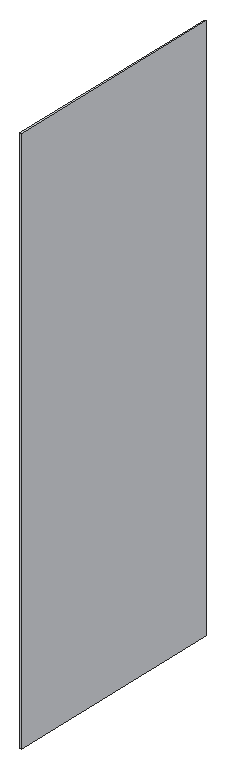
Revit family "LC-generico-Figlio", category Modelli generici, Revit 2017
Family settings
  Può ospitare armatura = No
  Quota connettore circolare = Usa diametro
  Tipo di parte = Normale
  Basato su piano di lavoro = No
  Sempre verticale = Sì
  Taglio con vuoti quando caricato = No
  Condiviso = No
  Punto di calcolo locali = No
Parameters (values of type "Panello1")
  Lunghezza [instance] = 125 cm
  Larghezza [instance] = 1 cm
  Altezza [instance] = 300 cm
Types (3, lengths in cm): name | Altezza
  (no name) | 300
  Panello1 | 300
  Pannello2 | 150
Reference planes (cm)
  plane 1 "Centro (Fronte/Retro)": y = 0
  plane 2: z = 0
  plane 3 "Centro (Sinistra/Destra)": x = 0
  plane 4: x = 1
  plane 5: y = 125
  plane 6: z = 300
Forms (cm)
  Extrusion 1, solid
    sketch origin (0, 0, 0) x (1, 0, 0) y (0, 1, 0)
      loop
        line (0, 125) -> (0, 0) -> (1, 0) -> (1, 125) -> (0, 125)
    from 0 to 300
Dimensions and locks (cm)
  "Lunghezza": plane 1 "Centro (Fronte/Retro)" to plane 5
  "Larghezza": plane 3 "Centro (Sinistra/Destra)" to plane 4
  "Altezza": plane 6 to level
  aligned and locked: level to plane 2
  aligned and locked: Extrusion 1 to plane 5
  aligned and locked: Extrusion 1 to plane 3 "Centro (Sinistra/Destra)"
  aligned and locked: plane 1 "Centro (Fronte/Retro)" to Extrusion 1
  aligned and locked: plane 4 to Extrusion 1
  aligned and locked: plane 6 to Extrusion 1
Automatic sketch dimensions
  plane 1 "Centro (Fronte/Retro)" to Extrusion 1 sketch curve = 0 cm
  Extrusion 1 sketch curve to plane 3 "Centro (Sinistra/Destra)" = 0 cm
  Extrusion 1 sketch curve to plane 4 = 0 cm
  plane 5 to Extrusion 1 sketch curve = 0 cm
